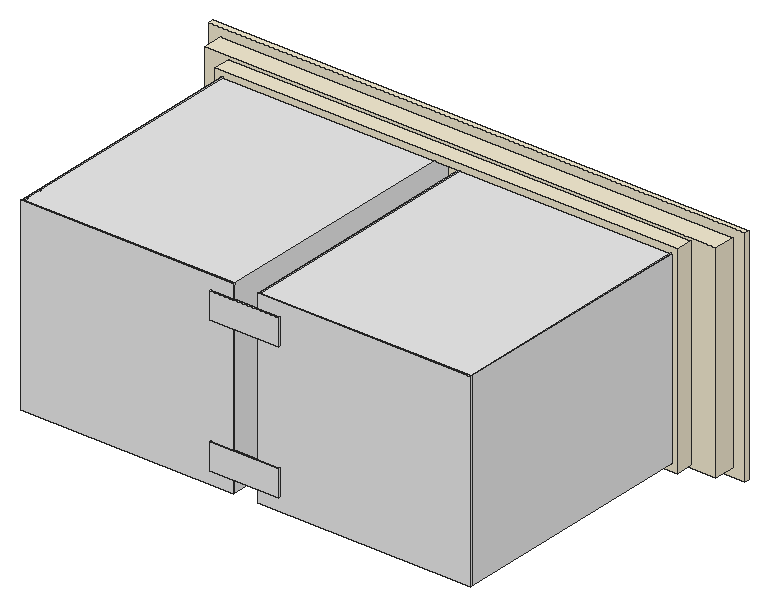
Revit family "4C-3_Door_High_Units_FL.rfa", category Specialty Equipment, host Wall, Revit 2016 (continued)
Definition of nested family "4C Latch Lock-Right"
  Reference planes (in)
    plane 9 "right": z = 1.375
    plane 10: x = -1
    plane 11: x = -1.125
  Forms (in)
    Extrusion 1, solid, material <- "Back Enclosure Material", visible <- "Visible Latch"
      sketch origin (-0.67187, 0, 0.67188) x (0, 0, -1) y (0, 1, 0)
        loop
          line (-0.22131, -0.0902) -> (-0.70312, -0.0902) -> (-0.70312, -0.12209) -> (-0.22129, -0.12209)
          arc (-0.22129, -0.12209) -> (-0.1389, -0.08579) -> (-0.11009, -0.00048) r 0.11165
          arc (-0.11009, -0.00048) -> (-0.01599, 0.09362) -> (0.07812, -0.00048) r 0.09411
          arc (0.07812, -0.00048) -> (0.10866, -0.08591) -> (0.19189, -0.122) r 0.11401
          line (0.19189, -0.122) -> (0.67187, -0.122) -> (0.67187, -0.08954) -> (0.19205, -0.08954)
          arc (0.19205, -0.08954) -> (0.13091, -0.06294) -> (0.10869, -0.00006) r 0.08357
          arc (0.10869, -0.00006) -> (-0.01625, 0.12487) -> (-0.14118, -0.00006) r 0.12494
          arc (-0.14118, -0.00006) -> (-0.16101, -0.06312) -> (-0.22131, -0.0902) r 0.08069
      from -0.20313 to 1.54687
    Extrusion 2, void
      sketch origin (-0.86719, 0.122, 0.78906) x (0, 0, -1) y (1, 0, 0)
        loop
          line (0.02064, 1.43976) -> (0.02064, 0.31562) -> (0.29045, 0.31562) -> (0.29045, 0.47278) -> (0.12796, 0.47278) -> (0.12796, 1.28526) -> (0.27447, 1.28526) -> (0.27447, 1.43976) -> (0.02064, 1.43976)
      from -0.01091 to 0.1442
    Blend 3, solid, material <- "Back Enclosure Material", visible <- "Visible Latch"
      base sketch origin (-0.95312, 0.122, 0.96875) x (0, 0, -1) y (1, 0, 0)
        loop
          circle (-0.1252, 1.55349) r 0.1
      top sketch origin (-0.95312, 0.122, 0.96875) x (0, 0, -1) y (1, 0, 0)
        loop
          circle (-0.1252, 1.55349) r 0.215
      from 0.16742 to 0.21154
    Blend 4, solid, material <- "Back Enclosure Material", visible <- "Visible Latch"
      base sketch origin (-0.95312, 0.122, -0.54015) x (0, 0, -1) y (1, 0, 0)
        loop
          circle (-0.8037, 1.55349) r 0.1
      top sketch origin (-0.95312, 0.122, -0.54015) x (0, 0, -1) y (1, 0, 0)
        loop
          circle (-0.8037, 1.55349) r 0.215
      from 0.16742 to 0.21154
    Blend 5, solid, material <- "Back Enclosure Material", visible <- "Visible Latch"
      base sketch origin (-1.95312, 0.122, 0.96875) x (0, 0, -1) y (1, 0, 0)
        loop
          circle (-0.1252, 1.36599) r 0.1
      top sketch origin (-1.95312, 0.122, 0.96875) x (0, 0, -1) y (1, 0, 0)
        loop
          circle (-0.1252, 1.36599) r 0.215
      from 0.16742 to 0.21154
    Blend 6, solid, material <- "Back Enclosure Material", visible <- "Visible Latch"
      base sketch origin (-1.95312, 0.122, -0.55578) x (0, 0, -1) y (1, 0, 0)
        loop
          circle (-0.8037, 1.36599) r 0.1
      top sketch origin (-1.95312, 0.122, -0.55578) x (0, 0, -1) y (1, 0, 0)
        loop
          circle (-0.8037, 1.36599) r 0.215
      from 0.16742 to 0.21154
    Extrusion 7, solid, material <- "Back Enclosure Material", visible <- "Visible Latch"
      sketch origin (-1.22585, -7.77812, 0.87452) x (0, 0, -1) y (0, 1, 0)
        loop
          circle (0.18702, 7.77784) r 0.09014
      from 0.10085 to 2.10085
    Extrusion 8, solid, material <- "Back Enclosure Material", visible <- "Visible Latch"
      sketch origin (-0.59584, -7.78798, 0.67188) x (1, 0, 0) y (0, 1, 0)
        loop
          circle (0.12087, 7.81979) r 0.05
      from 0.01562 to -0.5
    Extrusion 9, solid, material <- "Back Enclosure Material", visible <- "Visible Latch"
      sketch origin (-1.09375, -0.02845, 1.02999) x (0, 0, -1) y (1, 0, 0)
        loop
          line (0.68574, 0.09375) -> (0.68574, 0.12475) -> (-0.00176, 0.12475) -> (-0.00176, 0.09375) -> (0.68574, 0.09375)
      from -0.25 to 0.09355
    Extrusion 10, void
      sketch origin (-0.969, -7.77845, 0.87437) x (0, 0, -1) y (0, -1, 0)
        loop
          circle (0.18637, -7.77776) r 0.09325
      from 0 to 0.031
  Cuts and joins
    Extrusion 2 cuts Extrusion 1
    Extrusion 10 cuts Extrusion 9
  Dimensions and locks (in)
    equal spacing: plane 7 "Back", plane 1 "Center (Front/Back)", plane 6 "Front"
    "Depth": plane 7 "Back" to plane 6 "Front"
    equal spacing: plane 4 "top", plane 3 "Center (Left/Right)", plane 5 "bottom"
    "Width": plane 4 "top" to plane 5 "bottom"
    equal spacing: plane 9 "right", plane 8 "Vertical Center", plane 2 "left"
    "Height": plane 9 "right" to plane 2 "left"
    plane 10 to plane 4 "top" = 0.125"
    plane 11 to plane 4 "top" = 0.250"
    plane 10 to plane 11 = 0.125"
    aligned and locked: level to plane 2 "left"
  Automatic sketch dimensions
    Extrusion 1 sketch curve to plane 7 "Back" = 0.000"
    Extrusion 1 sketch curve to plane 7 "Back" = 0.0318"
    plane 9 "right" to Extrusion 1 sketch curve = 0.000"
    Extrusion 1 sketch curve to plane 8 "Vertical Center" = 0.20569"
    plane 7 "Back" to Extrusion 1 sketch curve = 0.00009"
    Extrusion 1 sketch curve to plane 8 "Vertical Center" = 0.20567"
    plane 1 "Center (Front/Back)" to Extrusion 1 sketch curve = 0.00006"
    Extrusion 1 sketch curve to plane 8 "Vertical Center" = 0.00062"
    Extrusion 1 sketch curve to Extrusion 1 sketch curve = 0.00026"
    Extrusion 1 sketch curve to Extrusion 1 sketch curve = 0.20788"
    Extrusion 1 sketch curve to Extrusion 1 sketch curve = 0.00016"
    Extrusion 1 sketch curve to level = 0.000"
    Extrusion 1 sketch curve to plane 7 "Back" = 0.03246"
    plane 1 "Center (Front/Back)" to Extrusion 1 sketch curve = 0.01045"
    Extrusion 1 sketch curve to Extrusion 1 sketch curve = 0.00094"
    Extrusion 1 sketch curve to Extrusion 1 sketch curve = 0.00201"
    Extrusion 2 sketch curve to plane 8 "Vertical Center" = 0.08092"
    plane 5 "bottom" to Extrusion 2 sketch curve = 0.45693"
    plane 8 "Vertical Center" to Extrusion 2 sketch curve = 0.0264"
    Extrusion 2 sketch curve to Extrusion 2 sketch curve = 0.16249"
    Extrusion 2 sketch curve to Extrusion 2 sketch curve = 0.14651"
    Extrusion 2 sketch curve to plane 3 "Center (Left/Right)" = 0.3944"
    Extrusion 2 sketch curve to plane 4 "top" = 0.32343"
    plane 5 "bottom" to Extrusion 2 sketch curve = 0.30243"
    plane 5 "bottom" to Blend 3 sketch curve = 0.27463"  (x2)
    Blend 3 sketch curve to plane 8 "Vertical Center" = 0.40645"  (x2)
    plane 5 "bottom" to Blend 4 sketch curve = 0.27463"  (x2)
    level to Blend 4 sketch curve = 0.26355"  (x2)
    Blend 5 sketch curve to plane 8 "Vertical Center" = 0.40645"  (x2)
    Blend 5 sketch curve to plane 3 "Center (Left/Right)" = 0.58713"  (x2)
    level to Blend 6 sketch curve = 0.24792"  (x2)
    Blend 6 sketch curve to plane 3 "Center (Left/Right)" = 0.58713"  (x2)
    plane 1 "Center (Front/Back)" to Extrusion 7 sketch curve = 0.00028"
    plane 8 "Vertical Center" to Extrusion 7 sketch curve = 0.000"
    Extrusion 8 sketch curve to plane 1 "Center (Front/Back)" = 0.03181"
    Extrusion 8 sketch curve to plane 4 "top" = 0.40003"
    Extrusion 9 sketch curve to plane 8 "Vertical Center" = 0.34425"
    level to Extrusion 9 sketch curve = 0.34425"
    plane 4 "top" to Extrusion 9 sketch curve = 0.125"
    Extrusion 9 sketch curve to Extrusion 9 sketch curve = 0.031"
    plane 1 "Center (Front/Back)" to Extrusion 10 sketch curve = 0.0007"
    Extrusion 10 sketch curve to plane 8 "Vertical Center" = 0.0005"
    radius of Blend 3 sketch curve = 0.100"
    radius of Blend 3 sketch curve = 0.215"
    radius of Blend 4 sketch curve = 0.100"
    radius of Blend 4 sketch curve = 0.215"
    radius of Blend 5 sketch curve = 0.100"
    radius of Blend 5 sketch curve = 0.215"
    radius of Blend 6 sketch curve = 0.100"
    radius of Blend 6 sketch curve = 0.215"
    radius of Extrusion 7 sketch curve = 0.09014"
    radius of Extrusion 8 sketch curve = 0.050"
    radius of Extrusion 10 sketch curve = 0.09325"
Definition of nested family "4C Latch Lock-Left"
  Parameters (values of type "Lock Latch")
    Width = 1.750"
    Type Comments = "Lock Latch for Aluminum Mailboxes"
    Visible Latch = yes
    Manufacturer = "Salsbury Industries"
    Height = 1.375"
    Depth = 0.244"
    Back Enclosure Material = none
  Reference planes (in)
    plane 1 "Center (Front/Back)": y = 0
    plane 2 "left": z = 0
    plane 3 "Center (Left/Right)": x = 0
    plane 4 "top": x = -0.875
    plane 5 "bottom": x = 0.875
    plane 6 "Front": y = 0.122
    plane 7 "Back": y = -0.122
    plane 8 "Vertical Center": z = 0.6875
    plane 9 "right": z = 1.375
    plane 10: x = 1
    plane 11: x = 1.125
  Forms (in)
    Extrusion 1, solid, material <- "Back Enclosure Material", visible <- "Visible Latch"
      sketch origin (-0.67187, 0, 0.67188) x (0, 0, -1) y (0, 1, 0)
        loop
          line (-0.22131, -0.0902) -> (-0.70312, -0.0902) -> (-0.70312, -0.12209) -> (-0.22129, -0.12209)
          arc (-0.22129, -0.12209) -> (-0.1389, -0.08579) -> (-0.11009, -0.00048) r 0.11165
          arc (-0.11009, -0.00048) -> (-0.01599, 0.09362) -> (0.07812, -0.00048) r 0.09411
          arc (0.07812, -0.00048) -> (0.10866, -0.08591) -> (0.19189, -0.122) r 0.11401
          line (0.19189, -0.122) -> (0.67187, -0.122) -> (0.67187, -0.08954) -> (0.19205, -0.08954)
          arc (0.19205, -0.08954) -> (0.13091, -0.06294) -> (0.10869, -0.00006) r 0.08357
          arc (0.10869, -0.00006) -> (-0.01625, 0.12487) -> (-0.14118, -0.00006) r 0.12494
          arc (-0.14118, -0.00006) -> (-0.16101, -0.06312) -> (-0.22131, -0.0902) r 0.08069
      from -0.20313 to 1.54687
    Extrusion 2, void
      sketch origin (-0.86719, 0.122, 0.78906) x (0, 0, -1) y (1, 0, 0)
        loop
          line (0.02064, 1.43976) -> (0.02064, 0.31562) -> (0.29045, 0.31562) -> (0.29045, 0.47278) -> (0.12796, 0.47278) -> (0.12796, 1.28526) -> (0.27447, 1.28526) -> (0.27447, 1.43976) -> (0.02064, 1.43976)
      from -0.01091 to 0.1442
    Blend 3, solid, material <- "Back Enclosure Material", visible <- "Visible Latch"
      base sketch origin (-0.95312, 0.122, 0.96875) x (0, 0, -1) y (1, 0, 0)
        loop
          circle (-0.1252, 1.55349) r 0.1
      top sketch origin (-0.95312, 0.122, 0.96875) x (0, 0, -1) y (1, 0, 0)
        loop
          circle (-0.1252, 1.55349) r 0.215
      from 0.16742 to 0.21154
    Blend 4, solid, material <- "Back Enclosure Material", visible <- "Visible Latch"
      base sketch origin (-0.95312, 0.122, -0.54015) x (0, 0, -1) y (1, 0, 0)
        loop
          circle (-0.8037, 1.55349) r 0.1
      top sketch origin (-0.95312, 0.122, -0.54015) x (0, 0, -1) y (1, 0, 0)
        loop
          circle (-0.8037, 1.55349) r 0.215
      from 0.16742 to 0.21154
    Blend 5, solid, material <- "Back Enclosure Material", visible <- "Visible Latch"
      base sketch origin (-1.95312, 0.122, 0.96875) x (0, 0, -1) y (1, 0, 0)
        loop
          circle (-0.1252, 1.36599) r 0.1
      top sketch origin (-1.95312, 0.122, 0.96875) x (0, 0, -1) y (1, 0, 0)
        loop
          circle (-0.1252, 1.36599) r 0.215
      from 0.16742 to 0.21154
    Blend 6, solid, material <- "Back Enclosure Material", visible <- "Visible Latch"
      base sketch origin (-1.95312, 0.122, -0.55578) x (0, 0, -1) y (1, 0, 0)
        loop
          circle (-0.8037, 1.36599) r 0.1
      top sketch origin (-1.95312, 0.122, -0.55578) x (0, 0, -1) y (1, 0, 0)
        loop
          circle (-0.8037, 1.36599) r 0.215
      from 0.16742 to 0.21154
    Extrusion 7, solid, material <- "Back Enclosure Material", visible <- "Visible Latch"
      sketch origin (-1.22585, -7.77812, 0.87452) x (0, 0, -1) y (0, 1, 0)
        loop
          circle (0.18702, 7.77784) r 0.09014
      from 0.35085 to 2.35085
    Extrusion 8, solid, material <- "Back Enclosure Material", visible <- "Visible Latch"
      sketch origin (0.37291, -7.78798, 0.67188) x (1, 0, 0) y (0, 1, 0)
        loop
          circle (0.12087, 7.81979) r 0.05
      from 0.01562 to -0.5
    Extrusion 9, solid, material <- "Back Enclosure Material", visible <- "Visible Latch"
      sketch origin (0.87525, -0.02845, 1.02999) x (0, 0, -1) y (1, 0, 0)
        loop
          line (0.68574, 0.09375) -> (0.68574, 0.12475) -> (-0.00176, 0.12475) -> (-0.00176, 0.09375) -> (0.68574, 0.09375)
      from -0.25 to 0.09355
    Extrusion 10, void
      sketch origin (1, -7.77845, 0.87437) x (0, 0, -1) y (0, -1, 0)
        loop
          circle (0.18637, -7.77776) r 0.09325
      from 0 to 0.031
  Cuts and joins
    Extrusion 2 cuts Extrusion 1
    Extrusion 10 cuts Extrusion 9
  Dimensions and locks (in)
    equal spacing: plane 7 "Back", plane 1 "Center (Front/Back)", plane 6 "Front"
    "Depth": plane 7 "Back" to plane 6 "Front"
    equal spacing: plane 4 "top", plane 3 "Center (Left/Right)", plane 5 "bottom"
    "Width": plane 4 "top" to plane 5 "bottom"
    equal spacing: plane 9 "right", plane 8 "Vertical Center", plane 2 "left"
    "Height": plane 9 "right" to plane 2 "left"
    plane 4 "top" to plane 10 = 1.875"
    plane 5 "bottom" to plane 11 = 0.250"
    plane 11 to plane 10 = 0.125"
    aligned and locked: level to plane 2 "left"
  Automatic sketch dimensions
    Extrusion 1 sketch curve to plane 7 "Back" = 0.000"
    Extrusion 1 sketch curve to plane 7 "Back" = 0.0318"
    plane 9 "right" to Extrusion 1 sketch curve = 0.000"
    Extrusion 1 sketch curve to plane 8 "Vertical Center" = 0.20569"
    plane 7 "Back" to Extrusion 1 sketch curve = 0.00009"
    Extrusion 1 sketch curve to plane 8 "Vertical Center" = 0.20567"
    plane 1 "Center (Front/Back)" to Extrusion 1 sketch curve = 0.00006"
    Extrusion 1 sketch curve to plane 8 "Vertical Center" = 0.00062"
    Extrusion 1 sketch curve to Extrusion 1 sketch curve = 0.00026"
    Extrusion 1 sketch curve to Extrusion 1 sketch curve = 0.20788"
    Extrusion 1 sketch curve to Extrusion 1 sketch curve = 0.00016"
    Extrusion 1 sketch curve to level = 0.000"
    Extrusion 1 sketch curve to plane 7 "Back" = 0.03246"
    plane 1 "Center (Front/Back)" to Extrusion 1 sketch curve = 0.01045"
    Extrusion 1 sketch curve to Extrusion 1 sketch curve = 0.00094"
    Extrusion 1 sketch curve to Extrusion 1 sketch curve = 0.00201"
    Extrusion 2 sketch curve to plane 8 "Vertical Center" = 0.08092"
    plane 5 "bottom" to Extrusion 2 sketch curve = 0.45693"
    plane 8 "Vertical Center" to Extrusion 2 sketch curve = 0.0264"
    Extrusion 2 sketch curve to Extrusion 2 sketch curve = 0.16249"
    Extrusion 2 sketch curve to Extrusion 2 sketch curve = 0.14651"
    Extrusion 2 sketch curve to plane 3 "Center (Left/Right)" = 0.3944"
    Extrusion 2 sketch curve to plane 4 "top" = 0.32343"
    plane 5 "bottom" to Extrusion 2 sketch curve = 0.30243"
    plane 5 "bottom" to Blend 3 sketch curve = 0.27463"  (x2)
    Blend 3 sketch curve to plane 8 "Vertical Center" = 0.40645"  (x2)
    plane 5 "bottom" to Blend 4 sketch curve = 0.27463"  (x2)
    level to Blend 4 sketch curve = 0.26355"  (x2)
    Blend 5 sketch curve to plane 8 "Vertical Center" = 0.40645"  (x2)
    Blend 5 sketch curve to plane 3 "Center (Left/Right)" = 0.58713"  (x2)
    level to Blend 6 sketch curve = 0.24792"  (x2)
    Blend 6 sketch curve to plane 3 "Center (Left/Right)" = 0.58713"  (x2)
    plane 1 "Center (Front/Back)" to Extrusion 7 sketch curve = 0.00028"
    plane 8 "Vertical Center" to Extrusion 7 sketch curve = 0.000"
    Extrusion 8 sketch curve to plane 1 "Center (Front/Back)" = 0.03181"
    Extrusion 8 sketch curve to plane 4 "top" = 1.36878"
    Extrusion 9 sketch curve to plane 8 "Vertical Center" = 0.34425"
    level to Extrusion 9 sketch curve = 0.34425"
    Extrusion 9 sketch curve to plane 4 "top" = 1.844"
    Extrusion 9 sketch curve to Extrusion 9 sketch curve = 0.031"
    plane 1 "Center (Front/Back)" to Extrusion 10 sketch curve = 0.0007"
    Extrusion 10 sketch curve to plane 8 "Vertical Center" = 0.0005"
    radius of Blend 3 sketch curve = 0.100"
    radius of Blend 3 sketch curve = 0.215"
    radius of Blend 4 sketch curve = 0.100"
    radius of Blend 4 sketch curve = 0.215"
    radius of Blend 5 sketch curve = 0.100"
    radius of Blend 5 sketch curve = 0.215"
    radius of Blend 6 sketch curve = 0.100"
    radius of Blend 6 sketch curve = 0.215"
    radius of Extrusion 7 sketch curve = 0.09014"
    radius of Extrusion 8 sketch curve = 0.050"
    radius of Extrusion 10 sketch curve = 0.09325"
Types (4): name | Width | Vertical Center Divider | Top Back Plate | Right Inside Wall | Model | Left Inside Wall | Latch Alignment | Door Slot R3 Number | Door Slot R3 | Door Slot R1 Number | Door Slot R1 | Door Slot L3 Number | Door Slot L3 | Door Slot L2 Number | Door Slot L2 | Door Slot L1 Number | Door Slot L1 | Description | Center Extrusion Offset | Bottom Back Plate
  3703D-04 FL | 31.09766" | yes | yes | yes | "3703D-04 FL" | yes | 14.85742" | "0" | 3700 Series 4C OM2 Configuration : OM2-FL | "4" | 3700 Series 4C Door Configurations : MB1 Door | "3" | 3700 Series 4C Door Configurations : MB1 Door w/ Divider | "2" | 3700 Series 4C Door Configurations : MB1 Door w/ Divider | "1" | 3700 Series 4C Door Configurations : MB1 Door | "3 Door High Unit: 4 MB1, OM2" | 0.000" | yes
  3703S-01 FL | 16.34375" | no | no | no | "3703S-01 FL" | no | 13.876" | "0" | 3700 Series 4C OM2 Configuration : OM2-FL | "1" | 3700 Series 4C Door Configurations : MB1 Door | "0" | 3700 Series 4C Door Configurations : Empty | "0" | 3700 Series 4C Door Configurations : Empty | "0" | 3700 Series 4C Door Configurations : Empty | "3 Door High Unit: 1 MB1, OM2" | 48.000" | no
  3703D-2P FL | 31.09766" | yes | yes | yes | "3703D-2P FL" | yes | 14.85742" | "2P" | 3700 Series 4C Parcel Configurations : PL3 | "0" | 3700 Series 4C Door Configurations : Empty | "1P" | 3700 Series 4C Parcel Configurations : PL3 | "0" | 3700 Series 4C Door Configurations : Empty | "0" | 3700 Series 4C Door Configurations : Empty | "3 Door High Unit: 2 PL3" | 0.000" | yes
  3703S-1P FL | 16.34375" | no | no | no | "3703S-1P FL" | no | 13.876" | "1P" | 3700 Series 4C Parcel Configurations : PL3 | "0" | 3700 Series 4C Door Configurations : Empty | "0" | 3700 Series 4C Door Configurations : Empty | "0" | 3700 Series 4C Door Configurations : Empty | "0" | 3700 Series 4C Door Configurations : Empty | "3 Door High Unit: 1 PL3" | 48.000" | no
